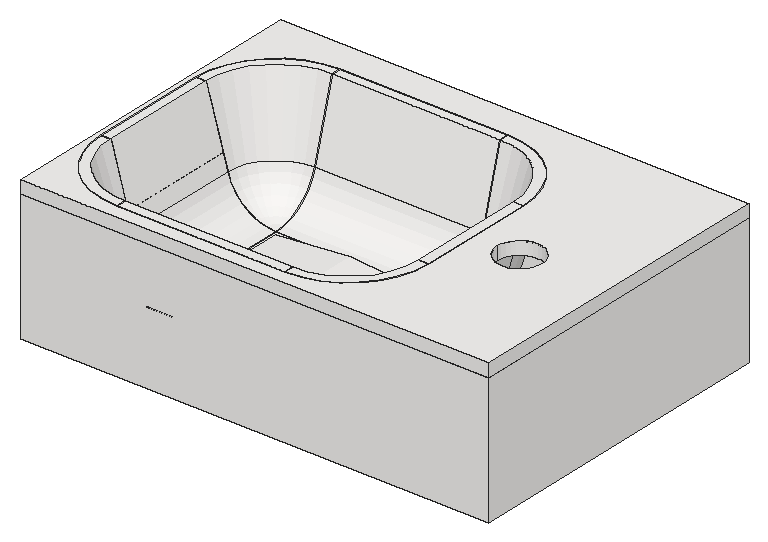
Revit family "61086-61086450-glossy_white-400", category Plumbing Fixtures, Revit 2019
Family settings
  Round Connector Dimension = Use Diameter
  Part Type = Valve - Breaks Into
  OmniClass Number = 23.31.13.00
  Work Plane-Based = No
  Always vertical = Yes
  Cut with Voids When Loaded = No
  Shared = Yes
  Room Calculation Point = No
Parameters (values of type "Washbasins-hansgrohe-61086XXX-Xevolos E Washbasins Xevolos E Handrinse basin 360_250 with tap hole right without overflo")
  X2 = 0
  X1 = 0
  UNSPSC = "301815 | Sanitary ware"
  UNIFORMATII = "D2010 | Plumbing Fixtures"
  UNICLASS_2015_CODE = "40_20_96"
  UNICLASS2015 = "Pr_40_20_96 | Wash basins, sinks and troughs"
  TAP = 1
  SURFACE = "GLOSSY_WHITE"
  SPECIFICATION = "Surfaces:  - 61086450 White   Specification:  • consists of: handrinse basin, waste set, cover  • material: ceramic  • SmartClean: dirt-repellent glaze • degree of gloss: glossy  • ceramic cover included • with one tap hole • without overflow • without shelf • non-closing waste set • 360 x 250 mm • type of installation: wall mounted  • suitable for cabinet"
  REGION = "Worldwide"
  PRODUCTURL = "https://pro.hansgrohe.com/articledetail--61086450"
  PRODUCTGROUP = "Washbasins"
  PRODUCTFAMILY = "Xevolos E"
  PERMALINK = "61086XXX"
  OMNICLASS = "23-31 13 00 | Sinks"
  OBJECTTYPE = "Object (single object)"
  NN = "Xevolos Washbasin"
  NBSYN = "$BASENUMBER.-$ARTNR.-$SURFACE.-$LODLEVEL."
  NB = "61086-61086450-GLOSSY_WHITE-400"
  NAME = "Xevolos E Handrinse basin 360_250 with tap hole right without overflow, SmartClean"
  Model = "Washbasins-hansgrohe-61086XXX-Xevolos E Washbasins Xevolos E Handrinse basin 360_250 with tap hole right without overflow, SmartClean"
  Manufacturer = "Hansgrohe"
  MIdent = "{$CADENAS_DATA/23d-libs/hansgrohe/xevolos_washbasin/xevolos_washbasin.prj},324 {VTYP=3D},{NB=61086-61086450-GLOSSY_WHITE-400},{LINA=Washbasins-hansgrohe-61086XXX-Xevolos E Washbasins Xevolos E Handrinse basin 360_250 with tap hole right without overflow, SmartClean},{NN=Xevolos Washbasin},{DATE=08.09.2023 09:54:32},{GEOMDATE=08.09.2023 09:53:00},{VERSION=},{LINEID=990},{WBVAR=LODLEVEL},{WBNUMERIC=}  {NB=61086-61086450-GLOSSY_WHITE-400},{LINA=Washbasins-hansgrohe-61086XXX-Xevolos E Washbasins Xevolos E Handrinse basin 360_250 with tap hole right without overflow, SmartClean},{KT=DUMMY},{IDNR=1},{ARTNR=61086450},{BASENUMBER=61086},{MODEL=61086XXX},{SURFACE=GLOSSY_WHITE},{LODLEVEL=400},{LODLEVELX='400','400','200','200'},{L=360.000},{LI=162.000},{X1=0.000},{X2=0.000},{DO=46.000},{DOT=35.000},{TAP=1},{TYP=MIN},{NAME=Xevolos E Handrinse basin 360_250 with tap hole right without overflow, SmartClean},{PERMALINK=61086XXX},{OBJECTTYPE=Object (single object)},{BIMOBJECT=Sanitary: Wash Basins},{PRODUCTFAMILY=Xevolos E},{PRODUCTGROUP=Washbasins},{WEIGHT=},{DESCRIPTION=Xevolos E Handrinse basin 360/250 with tap hole right without overflow, SmartClean},{SPECIFICATION=Surfaces:  - 61086450 White   Specification:  • consists of: handrinse basin, waste set, cover  • material: ceramic  • SmartClean: dirt-repellent glaze • degree of gloss: glossy  • ceramic cover included • with one tap hole • without overflow • without shelf • non-closing waste set • 360 x 250 mm • type of installation: wall mounted  • suitable for cabinet},{PRODUCTURL=https://pro.hansgrohe.com/articledetail--61086450},{GTINCODE=},{IFC=Sanitary Terminal},{ETIM=EC011550 | Washbasin},{UNICLASS2015=Pr_40_20_96 | Wash basins, sinks and troughs},{OMNICLASS=23-31 13 00 | Sinks},{MASTERFORMAT=22 41 16.13 | Residential Lavatories},{UNSPSC=301815 | Sanitary ware},{UNIFORMATII=D2010 | Plumbing Fixtures},{REGION=Worldwide},{DESIGN=Germany},{MANUFACTURER=Germany}"
  MASTERFORMAT = "22 41 16.13 | Residential Lavatories"
  LODLEVEL = "400"
  LINA = "Washbasins-hansgrohe-61086XXX-Xevolos E Washbasins Xevolos E Handrinse basin 360_250 with tap hole right without overflow, SmartClean"
  LI = 162
  L = 360
  IFC = "Sanitary Terminal"
  ETIM = "EC011550 | Washbasin"
  DOT = 35
  DO = 46
  DESIGN = "Germany"
  CATALOG = "Hansgrohe"
  BIMOBJECT = "Sanitary: Wash Basins"
  BASENUMBER = "61086"
  ARTNR = "61086450"
Reference planes
  plane 1 "Center (Front/Back)": y = 0
  plane 2: z = 0
  plane 3 "Center (Left/Right)": x = 0
Forms (mm)
  Extrusion 1, void
    sketch origin (162, -135, 110) x (0, -1, 0) y (-1, 0, 0)
      loop
        line (-0.5, 0.5) -> (-0.5, -0.5) -> (0.5, -0.5) -> (0.5, 0.5) -> (-0.5, 0.5)
    from 0 to 1
Dimensions and locks
  locked: plane 2 to Extrusion 1 at 109
  locked: plane 2 to Extrusion 1 at 110
  aligned and locked: level to plane 2
Nested families
  nested 1: "61086-61086450-glossy_white-400_content" at (0, 0, 0), type "61086-61086450-GLOSSY_WHITE-400_Content"
Connectors
  piping at (162, -135, 110), diameter 35
    settings: on Extrusion 1, index 1, connector inside diameter 609.6 mm, connector length 0 mm, flow factor 0, pipe flow 0.0 L/s, pressure drop 0.0 Pa, fitting loss kfactor 0, connector angle 0.00°, fixture units 0, engagement length 0 mm, angle of deflection 0.00°, flow configuration 0, flow direction 2, fitting loss method 0, system type 29, joint type 0, gender type 0, connector reference index -1, connector utility 0, adjustable connector no, is connector primary yes, connector description ""
  piping at (0, -135, -18.5), diameter 46
    settings: on nested 1, index 2, connector inside diameter 609.6 mm, connector length 0 mm, flow factor 0, pipe flow 0.0 L/s, pressure drop 0.0 Pa, fitting loss kfactor 0, connector angle 0.00°, fixture units 0, engagement length 0 mm, angle of deflection 0.00°, flow configuration 0, flow direction 2, fitting loss method 0, system type 29, joint type 0, gender type 0, connector reference index -1, connector utility 0, adjustable connector no, is connector primary no, connector description ""
Definition of nested family "61086-61086450-glossy_white-400_content"
  Parameters (values of type "61086-61086450-GLOSSY_WHITE-400_Content")
    X2 = 0
    X1 = 0
    UNSPSC = "301815 | Sanitary ware"
    UNIFORMATII = "D2010 | Plumbing Fixtures"
    UNICLASS_2015_CODE = "40_20_96"
    UNICLASS2015 = "Pr_40_20_96 | Wash basins, sinks and troughs"
    TAP = 1
    SURFACE = "GLOSSY_WHITE"
    SPECIFICATION = "Surfaces:  - 61086450 White   Specification:  • consists of: handrinse basin, waste set, cover  • material: ceramic  • SmartClean: dirt-repellent glaze • degree of gloss: glossy  • ceramic cover included • with one tap hole • without overflow • without shelf • non-closing waste set • 360 x 250 mm • type of installation: wall mounted  • suitable for cabinet"
    REGION = "Worldwide"
    PRODUCTURL = "https://pro.hansgrohe.com/articledetail--61086450"
    PRODUCTGROUP = "Washbasins"
    PRODUCTFAMILY = "Xevolos E"
    PERMALINK = "61086XXX"
    OMNICLASS = "23-31 13 00 | Sinks"
    OBJECTTYPE = "Object (single object)"
    NN = "Xevolos Washbasin"
    NBSYN = "$BASENUMBER.-$ARTNR.-$SURFACE.-$LODLEVEL."
    NB = "61086-61086450-GLOSSY_WHITE-400"
    NAME = "Xevolos E Handrinse basin 360_250 with tap hole right without overflow, SmartClean"
    Model = "Washbasins-hansgrohe-61086XXX-Xevolos E Washbasins Xevolos E Handrinse basin 360_250 with tap hole right without overflow, SmartClean"
    Manufacturer = "Hansgrohe"
    MASTERFORMAT = "22 41 16.13 | Residential Lavatories"
    LODLEVEL = "400"
    LINA = "Washbasins-hansgrohe-61086XXX-Xevolos E Washbasins Xevolos E Handrinse basin 360_250 with tap hole right without overflow, SmartClean"
    LI = 162
    L = 360
    IFC = "Sanitary Terminal"
    ETIM = "EC011550 | Washbasin"
    Default Elevation = 1219.2 mm
    DOT = 35
    DO = 46
    DESIGN = "Germany"
    CATALOG = "Hansgrohe"
    BIMOBJECT = "Sanitary: Wash Basins"
    BASENUMBER = "61086"
    ARTNR = "61086450"
  Reference planes
    plane 1 "Center (Front/Back)": y = 0
    plane 2: z = 0
    plane 3 "Center (Left/Right)": x = 0
  Forms (mm)
    Extrusion 1, solid, detail levels medium+fine
      sketch origin (0, 0, 0) x (0, 0, -1) y (0, 1, 0)
        loop
          line (-110, -24.497) -> (-110, -32) -> (-53.146, -48.555)
          arc (-53.146, -48.555) -> (-32.855, -62.593) -> (-25.05, -86) r 39
          line (-25.05, -86) -> (-15.65, -86) -> (-15.65, -78.355)
          arc (-15.65, -78.355) -> (-27.278, -53.615) -> (-50.351, -38.954) r 49
          line (-50.351, -38.954) -> (-100, -24.497) -> (-110, -24.497)
      from -64.5 to 64.5
    Revolve 2, solid, detail levels medium+fine
      sketch origin (64.5, 0, 0) x (0, 0, -1) y (0, 1, 0)
        loop
          line (-25.05, -86) -> (-15.65, -86) -> (-15.65, -78.355)
          arc (-15.65, -78.355) -> (-27.278, -53.615) -> (-50.351, -38.954) r 49
          line (-50.351, -38.954) -> (-100, -24.497) -> (-110, -24.497) -> (-110, -32) -> (-53.146, -48.555)
          arc (-53.146, -48.555) -> (-32.855, -62.593) -> (-25.05, -86) r 39
        axis (-15.65, -86) -> (-110, -86)
      angle from -90 to 0
    Revolve 3, solid, detail levels medium+fine
      sketch origin (-64.5, 0, 0) x (0, 0, -1) y (0, 1, 0)
        loop
          line (-25.05, -86) -> (-15.65, -86) -> (-15.65, -78.355)
          arc (-15.65, -78.355) -> (-27.278, -53.615) -> (-50.351, -38.954) r 49
          line (-50.351, -38.954) -> (-100, -24.497) -> (-110, -24.497) -> (-110, -32) -> (-53.146, -48.555)
          arc (-53.146, -48.555) -> (-32.855, -62.593) -> (-25.05, -86) r 39
        axis (-15.65, -86) -> (-110, -86)
      angle from 0 to 90
    Extrusion 4, solid, detail levels medium+fine
      sketch origin (0, -177.5, 0) x (1, 0, 0) y (0, 0, -1)
        loop
          line (-126.003, -100) -> (-126.003, -110) -> (-118.5, -110) -> (-101.945, -53.146)
          arc (-101.945, -53.146) -> (-87.907, -32.855) -> (-64.5, -25.05) r 39
          line (-64.5, -25.05) -> (-64.5, -15.65) -> (-72.145, -15.65)
          arc (-72.145, -15.65) -> (-96.885, -27.278) -> (-111.546, -50.351) r 49
          line (-111.546, -50.351) -> (-126.003, -100)
      from 0 to 91.5
    Extrusion 5, solid, detail levels medium+fine
      sketch origin (0, -177.5, 0) x (1, 0, 0) y (0, 0, -1)
        loop
          line (64.5, -15.65) -> (64.5, -25.05)
          arc (64.5, -25.05) -> (87.907, -32.855) -> (101.945, -53.146) r 39
          line (101.945, -53.146) -> (118.5, -110) -> (126.003, -110) -> (126.003, -100) -> (111.546, -50.351)
          arc (111.546, -50.351) -> (96.885, -27.278) -> (72.145, -15.65) r 49
          line (72.145, -15.65) -> (64.5, -15.65)
      from 0 to 91.5
    Revolve 6, solid, detail levels medium+fine
      sketch origin (0, -177.5, 0) x (1, 0, 0) y (0, 0, -1)
        loop
          line (-64.5, -25.05) -> (-64.5, -15.65) -> (-72.145, -15.65)
          arc (-72.145, -15.65) -> (-96.885, -27.278) -> (-111.546, -50.351) r 49
          line (-111.546, -50.351) -> (-126.003, -100) -> (-126.003, -110) -> (-118.5, -110) -> (-101.945, -53.146)
          arc (-101.945, -53.146) -> (-87.907, -32.855) -> (-64.5, -25.05) r 39
        axis (-64.5, -15.65) -> (-64.5, -110)
      angle from 0 to 90
    Revolve 7, solid, detail levels medium+fine
      sketch origin (0, -177.5, 0) x (1, 0, 0) y (0, 0, -1)
        loop
          line (64.5, -15.65) -> (64.5, -25.05)
          arc (64.5, -25.05) -> (87.907, -32.855) -> (101.945, -53.146) r 39
          line (101.945, -53.146) -> (118.5, -110) -> (126.003, -110) -> (126.003, -100) -> (111.546, -50.351)
          arc (111.546, -50.351) -> (96.885, -27.278) -> (72.145, -15.65) r 49
          line (72.145, -15.65) -> (64.5, -15.65)
        axis (64.5, -110) -> (64.5, -15.65)
      angle from 0 to 90
    Extrusion 8, solid, detail levels medium+fine
      sketch origin (0, 0, 0) x (0, 0, -1) y (0, 1, 0)
        loop
          line (-110, -239.003) -> (-100, -239.003) -> (-50.351, -224.546)
          arc (-50.351, -224.546) -> (-27.278, -209.885) -> (-15.65, -185.145) r 49
          line (-15.65, -185.145) -> (-15.65, -177.5) -> (-25.05, -177.5)
          arc (-25.05, -177.5) -> (-32.855, -200.907) -> (-53.146, -214.945) r 39
          line (-53.146, -214.945) -> (-110, -231.5) -> (-110, -239.003)
      from -64.5 to 64.5
    Extrusion 9, solid, detail levels medium+fine
      sketch origin (0, 0, 25.05) x (1, 0, 0) y (0, 1, 0)
        loop
          line (-69.5, -86) -> (-69.5, -177.5)
          arc (-69.5, -177.5) -> (-68.036, -181.036) -> (-64.5, -182.5) r 5
          line (-64.5, -182.5) -> (64.5, -182.5)
          arc (64.5, -182.5) -> (68.036, -181.036) -> (69.5, -177.5) r 5
          line (69.5, -177.5) -> (69.5, -86)
          arc (69.5, -86) -> (68.036, -82.464) -> (64.5, -81) r 5
          line (64.5, -81) -> (-64.5, -81)
          arc (-64.5, -81) -> (-68.036, -82.464) -> (-69.5, -86) r 5
        loop
          line (-60.5, -174) -> (60.5, -174) -> (60.5, -90.5) -> (-60.5, -90.5) -> (-60.5, -174)
      from -9.4 to 0
    Extrusion 10, solid, detail levels medium+fine
      sketch origin (0, 0, 100) x (1, 0, 0) y (0, 1, 0)
        loop
          line (-130, -250) -> (230, -250) -> (230, 0) -> (-130, 0) -> (-130, -250)
        loop
          circle (162, -135) r 17.5
        loop
          line (-126.003, -86) -> (-126.003, -177.5)
          arc (-126.003, -177.5) -> (-107.989, -220.989) -> (-64.5, -239.003) r 61.503
          line (-64.5, -239.003) -> (64.497, -239.003)
          arc (64.497, -239.003) -> (107.984, -220.99) -> (125.997, -177.503) r 61.5
          line (125.997, -177.503) -> (125.997, -85.997)
          arc (125.997, -85.997) -> (107.984, -42.51) -> (64.497, -24.497) r 61.5
          line (64.497, -24.497) -> (-64.5, -24.497)
          arc (-64.5, -24.497) -> (-107.989, -42.511) -> (-126.003, -86) r 61.503
      from 0 to 10
    Extrusion 11, solid, detail levels medium+fine
      sketch origin (0, 0, 100) x (1, 0, 0) y (0, 1, 0)
        loop
          line (-130, -250) -> (230, -250) -> (230, 0) -> (220, 0) -> (220, -240) -> (-120, -240) -> (-120, 0) -> (-130, 0) -> (-130, -250)
      from -100 to 0
    Extrusion 12, solid, detail levels medium+fine
      sketch origin (0, 0, 0) x (1, 0, 0) y (0, 0, -1)
        loop
          line (-120, -100) -> (220, -100) -> (220, -10) -> (-120, -10) -> (-120, -100)
      from -10 to 0
    Extrusion 13, solid, detail levels medium+fine
      sketch origin (0, 0, 10) x (1, 0, 0) y (0, 1, 0)
        loop
          line (-120, -10) -> (-120, -240) -> (220, -240) -> (220, -10) -> (-120, -10)
        loop
          line (-105.5, -13.5) -> (-105.5, -195.5)
          arc (-105.5, -195.5) -> (-96.713, -216.713) -> (-75.5, -225.5) r 30
          line (-75.5, -225.5) -> (168.25, -225.5) -> (168.25, -210)
          arc (168.25, -210) -> (174.62, -194.62) -> (190, -188.25) r 21.75
          line (190, -188.25) -> (205.5, -188.25) -> (205.5, -13.5) -> (-105.5, -13.5)
      from 0 to 55
    Extrusion 14, solid, detail levels medium+fine
      sketch origin (0, 0, -3.5) x (1, 0, 0) y (0, 1, 0)
        loop
          line (-70, -97.245) -> (-70, -166.255)
          arc (-70, -166.255) -> (-64.874, -178.629) -> (-52.5, -183.755) r 17.5
          line (-52.5, -183.755) -> (52.5, -183.755)
          arc (52.5, -183.755) -> (64.874, -178.629) -> (70, -166.255) r 17.5
          line (70, -166.255) -> (70, -97.245)
          arc (70, -97.245) -> (64.874, -84.871) -> (52.5, -79.745) r 17.5
          line (52.5, -79.745) -> (-52.5, -79.745)
          arc (-52.5, -79.745) -> (-64.874, -84.871) -> (-70, -97.245) r 17.5
      from 0 to 19.15
    Revolve 15, solid, detail levels medium+fine
      sketch origin (0, -135, 0) x (1, 0, 0) y (0, 0, -1)
        loop
          line (23, 7) -> (40, -21.333) -> (40, 1.5) -> (34, 11.5) -> (34, 18.5) -> (23, 18.5) -> (23, 7)
        axis (0, -21.333) -> (0, 18.5)
      angle from -360 to 0
    Extrusion 16, solid, detail levels medium+fine
      sketch origin (0, 0, -18.5) x (1, 0, 0) y (0, 1, 0)
        loop
          circle (0, -135) r 7.5
      from 0 to 44.15
    Extrusion 17, solid, detail levels medium+fine
      sketch origin (0, -135, 0) x (1, 0, 0) y (0, 0, -1)
        loop
          line (-57.5, -27.4) -> (-57.5, -29.4)
          arc (-57.5, -29.4) -> (0, -34.4) -> (57.5, -29.4) r 333.125
          line (57.5, -29.4) -> (57.5, -27.4)
          arc (57.5, -27.4) -> (56.621, -25.279) -> (54.5, -24.4) r 3
          line (54.5, -24.4) -> (-54.5, -24.4)
          arc (-54.5, -24.4) -> (-56.621, -25.279) -> (-57.5, -27.4) r 3
      from -40 to 40
    Extrusion 18, solid, detail levels coarse
      sketch origin (50, -125, -18.5) x (1, 0, 0) y (0, 1, 0)
        loop
          line (-180, -125) -> (180, -125) -> (180, 125) -> (-180, 125) -> (-180, -125)
      from 0 to 128.5
  Dimensions and locks
    aligned and locked: level to plane 2
